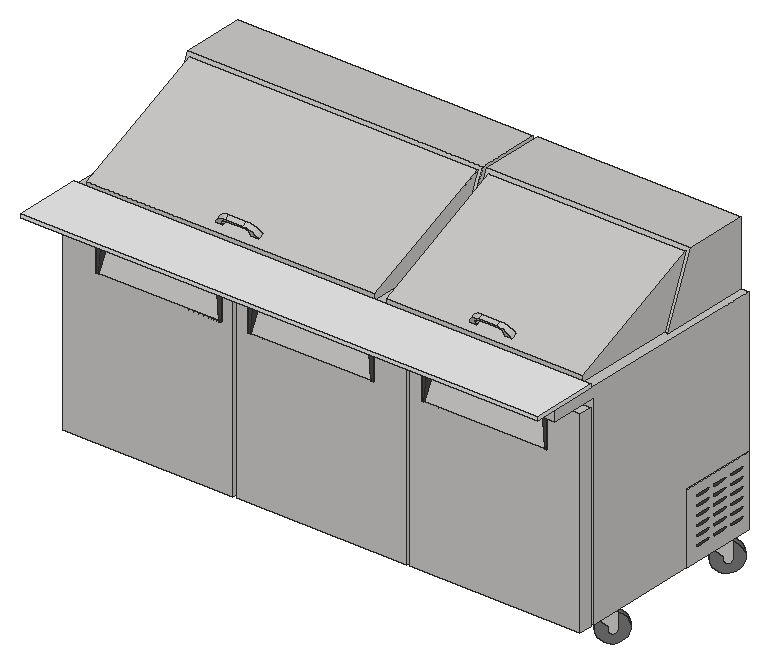
Revit family "QF_Turbo Air_MST-72-3007bf8e3e-0436-4e17-8188-67c419f443d2", category Specialty Equipment, Revit 2012 (continued)
Automatic sketch dimensions
  curve 77 to plane 27 = 0' - 0 15/16"
  curve 50 to curve 50 = 0' - 1"
  curve 187 to curve 187 = 0' - 1"
  curve 109 to curve 106 = 0' - 0.89839"
  curve 287 to curve 287 = 0' - 0.89839"
  curve 263 to curve 263 = 0' - 0.89839"
  curve 236 to curve 236 = 0' - 1"
  curve 157 to curve 154 = 0' - 0.89839"
  curve 284 to curve 280 = 0' - 1"
  curve 185 to curve 170 = 0' - 1"
  curve 202 to curve 198 = 0' - 1"
  curve 137 to curve 122 = 0' - 1"
  curve 50 to curve 38 = 0' - 1"
  curve 106 to curve 102 = 0' - 1"
  curve 158 to curve 150 = 0' - 1"
  curve 260 to curve 256 = 0' - 1"
  curve 77 to curve 62 = 0' - 1"
  curve 233 to curve 222 = 0' - 1"
  curve 218 to curve 216 = 0' - 1"
  curve 101 to curve 101 = 0' - 1"
  curve 102 to curve 102 = 0' - 1"
  curve 191 to curve 216 = 0' - 0"  (x2)
  plane 23 "Left of Right Lid" to curve 192 = 0' - 1 1/16"
  curve 197 to curve 192 = 0' - 1"
  curve 252 to curve 249 = 0' - 1"
  curve 250 to plane 21 "Right of Left Lid" = 0' - 0 15/16"
  curve 255 to curve 250 = 0' - 1"
  curve 273 to curve 96 = 0' - 0"
  plane 17 "Left of Left Lid" to curve 274 = 0' - 0 15/16"
  curve 276 to curve 274 = 0' - 1"
  plane 25 "Left Handle LR" to curve 59 = 0' - 0 1/4"
  curve 62 to curve 59 = 0' - 1"
  curve 62 to curve 60 = 0' - 1"
  curve 60 to curve 35 = 0' - 0"
  plane 24 "Right Handle LR" to curve 174 = 0' - 0 1/4"
  curve 170 to curve 174 = 0' - 1"
  curve 126 to plane 25 "Left Handle LR" = 0' - 0 1/4"
  curve 126 to curve 59 = 0' - 0"
  curve 146 to curve 143 = 0' - 1"
  curve 36 to curve 249 = 0' - 0"
  curve 144 to plane 19 "Right of Righ Lid" = 0' - 1 1/16"
  curve 149 to curve 144 = 0' - 1"
  curve 173 to curve 143 = 0' - 0"
  curve 95 to curve 125 = 0' - 0"
  curve 222 to plane 24 "Right Handle LR" = 0' - 0 1/4"
  curve 222 to curve 167 = 0' - 0"
  curve 250 to curve 254 = 0' - 3.99184"
  curve 219 to plane 24 "Right Handle LR" = 0' - 1 1/4"
  curve 222 to curve 219 = 0' - 3.99184"
  curve 101 to curve 100 = 0' - 3.99184"
  curve 95 to curve 99 = 0' - 3.99184"
  curve 220 to curve 217 = 0' - 1"
  curve 119 to curve 119 = 0' - 3.99184"
  curve 95 to curve 120 = 0' - 0"
  curve 274 to curve 278 = 0' - 3.99184"
  curve 65 to curve 64 = 0' - 3.99184"
  curve 36 to curve 40 = 0' - 3.99184"
  curve 149 to curve 148 = 0' - 3.99184"
  curve 215 to curve 167 = 0' - 0"
  curve 173 to curve 168 = 0' - 3.99184"
  curve 60 to curve 39 = 0' - 0"
  curve 277 to curve 96 = 0' - 0"
  curve 168 to curve 147 = 0' - 0"
  curve 36 to curve 253 = 0' - 0"
  curve 123 to curve 63 = 0' - 0"
  curve 250 to curve 196 = 0' - 0"
  curve 274 to curve 28 = 0' - 0.78475"
  curve 196 to curve 246 = 0' - 0.78475"
  curve 144 to curve 30 = 0' - 0.78475"
  curve 244 to curve 245 = 0' - 0"
  curve 278 to curve 278 = 0' - 1"
  curve 100 to curve 100 = 0' - 1"
  curve 254 to curve 251 = 0' - 1"
  curve 64 to curve 61 = 0' - 1"
  curve 148 to curve 145 = 0' - 1"
  curve 196 to curve 193 = 0' - 1"
  curve 124 to curve 124 = 0' - 1"
  curve 40 to curve 40 = 0' - 1"
  curve 172 to curve 169 = 0' - 1"
  curve 61 to curve 70 = 0' - 1"
  curve 97 to curve 114 = 0' - 1"
  curve 121 to curve 133 = 0' - 1"
  curve 275 to curve 296 = 0' - 1"
  curve 251 to curve 268 = 0' - 1"
  curve 39 to curve 54 = 0' - 1"
  curve 193 to curve 210 = 0' - 1"
  curve 147 to curve 166 = 0' - 1"
  curve 217 to curve 230 = 0' - 1"
  curve 169 to curve 182 = 0' - 1"
  curve 117 to curve 117 = 0' - 1"
  plane 25 "Left Handle LR" to curve 74 = 0' - 0 1/4"
  curve 70 to curve 74 = 0' - 1"
  curve 114 to curve 118 = 0' - 1"
  curve 162 to curve 159 = 0' - 1"
  curve 160 to plane 19 "Right of Righ Lid" = 0' - 1 1/16"
  curve 165 to curve 160 = 0' - 1"
  curve 268 to curve 272 = 0' - 1"
  curve 176 to curve 159 = 0' - 0"
  curve 134 to plane 25 "Left Handle LR" = 0' - 0 1/4"
  curve 134 to curve 67 = 0' - 0"
  curve 229 to curve 224 = 0' - 1"
  curve 214 to curve 224 = 0' - 0"
  curve 178 to curve 182 = 0' - 1"
  plane 23 "Left of Right Lid" to curve 213 = 0' - 1 1/16"
  curve 210 to curve 213 = 0' - 1"
  curve 289 to curve 112 = 0' - 0"
  curve 226 to curve 230 = 0' - 1"
  curve 52 to curve 265 = 0' - 0"  (x2)
  curve 54 to curve 51 = 0' - 1"
  curve 111 to curve 128 = 0' - 0"  (x2)
  plane 17 "Left of Left Lid" to curve 290 = 0' - 0 15/16"
  curve 295 to curve 290 = 0' - 1"
  curve 271 to plane 21 "Right of Left Lid" = 0' - 0 15/16"
  curve 268 to curve 271 = 0' - 1"
  curve 73 to curve 51 = 0' - 0"
  curve 271 to curve 244 = 0' - 1.72225"
  curve 241 to curve 245 = 0' - 0"
  curve 127 to curve 127 = 0' - 3.99184"
  curve 128 to curve 132 = 0' - 3.99184"
  curve 57 to curve 56 = 0' - 3.99184"
  curve 58 to curve 55 = 0' - 3.99184"
  curve 31 to curve 290 = 0' - 2.26959"
  curve 224 to curve 228 = 0' - 3.99184"
  curve 296 to curve 293 = 0' - 3.99184"
  curve 227 to plane 24 "Right Handle LR" = 0' - 0 1/4"
  curve 223 to curve 227 = 0' - 3.99184"
  curve 248 to curve 212 = 0' - 2.26959"
  curve 289 to curve 116 = 0' - 0"
  curve 211 to curve 224 = 0' - 0"
  curve 159 to curve 159 = 0' - 3.99184"
  curve 127 to curve 67 = 0' - 0"
  curve 68 to curve 55 = 0' - 0"
  curve 32 to curve 160 = 0' - 2.26959"
  curve 247 to curve 266 = 0' - 2.26959"
  curve 223 to curve 175 = 0' - 0"
  curve 180 to curve 159 = 0' - 0"
  curve 179 to curve 177 = 0' - 1"
  curve 115 to curve 113 = 0' - 1"
  curve 270 to curve 270 = 0' - 1"
  curve 164 to curve 164 = 0' - 1"
  curve 72 to curve 72 = 0' - 1"
  curve 212 to curve 209 = 0' - 1"
  curve 56 to curve 53 = 0' - 1"
  curve 131 to curve 131 = 0' - 1"
  curve 228 to curve 225 = 0' - 1"
  curve 294 to curve 294 = 0' - 1"
  curve 5 to plane 19 "Right of Righ Lid" = 0' - 4 1/8"
  curve 5 to curve 5 = 0' - 1"
  curve 156 to curve 155 = 0' - 3.9319"
  curve 146 to curve 158 = 0' - 0"
  curve 161 to curve 161 = 0' - 4"
  curve 147 to curve 168 = 0' - 0 1/2"
  curve 159 to curve 176 = 0' - 0 1/2"
  curve 155 to curve 189 = 0' - 0 1/2"
  curve 91 to curve 91 = 0' - 0.1"
  curve 93 to curve 186 = 0' - 0.1625"
  plane 24 "Right Handle LR" to curve 177 = 0' - 1 1/4"
  curve 92 to curve 234 = 0' - 0.25911"
  plane 26 to curve 225 = 0' - 3 5/16"
  curve 221 to curve 202 = 0' - 2 1/2"
  curve 237 to curve 199 = 0' - 1 1/2"
  curve 216 to curve 191 = 0' - 0 1/2"
  curve 224 to curve 207 = 0' - 0 1/2"
  curve 262 to curve 261 = 0' - 3.9319"
  curve 268 to curve 268 = 0' - 4"
  curve 253 to curve 272 = 0' - 0"
  curve 257 to curve 44 = 0' - 0 1/2"
  curve 265 to curve 52 = 0' - 0 1/2"
  curve 249 to curve 41 = 0' - 0 1/2"
  curve 45 to curve 76 = 0' - 1.5681"
  curve 40 to curve 39 = 0' - 4"
  curve 58 to curve 39 = 0' - 0"
  curve 35 to curve 65 = 0' - 0 1/2"
  curve 51 to curve 68 = 0' - 0 1/2"
  curve 19 to curve 18 = 0' - 0.1"
  curve 21 to curve 78 = 0' - 0.1625"
  curve 20 to curve 138 = 0' - 0.25911"
  curve 121 to curve 124 = 0' - 4"
  curve 11 to curve 141 = 0' - 2 1/4"
  curve 133 to curve 121 = 0' - 0"
  curve 120 to curve 95 = 0' - 0 1/2"
  curve 136 to curve 107 = 0' - 0 1/2"
  curve 128 to curve 111 = 0' - 0 1/2"
  curve 118 to curve 117 = 0' - 4"
  curve 107 to curve 108 = 0' - 3.9319"
  curve 101 to curve 106 = 0' - 0.10161"
  curve 104 to curve 288 = 0' - 0 1/2"
  curve 96 to curve 273 = 0' - 0 1/2"
  curve 112 to curve 289 = 0' - 0 1/2"
  plane 17 "Left of Left Lid" to curve 8 = 0' - 5 1/8"
  curve 8 to curve 7 = 0' - 1"
  Extrusion 12 sketch curve to Extrusion 12 sketch curve = 0' - 7.07441"
  Extrusion 12 sketch curve to Extrusion 12 sketch curve = 0' - 0.71723"
  plane 8 "Counter Top" to Extrusion 12 sketch curve = 0' - 1.28026"
  Extrusion 13 sketch curve to plane 24 "Right Handle LR" = 0' - 3"
  Extrusion 13 sketch curve to Extrusion 13 sketch curve = 0' - 1"  (x2)
  Extrusion 13 sketch curve to Extrusion 13 sketch curve = 0' - 0 1/2"  (x3)
  Extrusion 13 sketch curve to Extrusion 13 sketch curve = 0' - 0 3/4"
  plane 24 "Right Handle LR" to Extrusion 13 sketch curve = 0' - 1 1/4"
  Extrusion 13 sketch curve to Extrusion 13 sketch curve = 0' - 0 1/4"
  Extrusion 13 sketch curve to Extrusion 13 sketch curve = 0' - 0"
  Extrusion 13 sketch curve to Extrusion 13 sketch curve = 0' - 0.6"
  Extrusion 14 sketch curve to plane 8 "Counter Top" = 0' - 0"
  Extrusion 14 sketch curve to plane 9 "TOP" = 0' - 0"
  Extrusion 14 sketch curve to plane 1 "BACK" = 0' - 0"
  Extrusion 14 sketch curve to Extrusion 14 sketch curve = 0' - 8 7/8"
  Extrusion 14 sketch curve to Extrusion 14 sketch curve = 0' - 3 15/16"
  Extrusion 15 sketch curve to plane 8 "Counter Top" = 0' - 0"
  Extrusion 15 sketch curve to plane 15 "Front of Box" = 0' - 0"
  plane 1 "BACK" to Extrusion 15 sketch curve = 1' - 0 13/16"
  Extrusion 15 sketch curve to plane 9 "TOP" = 0' - 0.45808"
  plane 1 "BACK" to Extrusion 15 sketch curve = 0' - 9.07541"
  Extrusion 15 sketch curve to Extrusion 15 sketch curve = 0' - 0 3/4"
  Extrusion 16 sketch curve to plane 15 "Front of Box" = 0' - 0"
  Extrusion 16 sketch curve to plane 11 "Lid Clearance" = 0' - 0"
  Extrusion 16 sketch curve to plane 11 "Lid Clearance" = 0' - 0.21928"
  Extrusion 16 sketch curve to plane 15 "Front of Box" = 0' - 10.62793"
  Extrusion 16 sketch curve to Extrusion 16 sketch curve = 0' - 0.71723"
  plane 8 "Counter Top" to Extrusion 16 sketch curve = 0' - 1.28026"
  Extrusion 16 sketch curve to plane 9 "TOP" = 0' - 0.60798"
  radius of Extrusion 9 sketch curve = 0' - 0 1/2"  (x2)
  radius of Extrusion 10 sketch curve = 0' - 0 1/4"
Nested families (in)
  nested 1: "FESCasterLeg" at (-18.28844, -2.5625, 0), Legs <- "Legs", Casters <- "Casters", Height <- "CasterLeg Height", type "FESCasterLeg"
    with Legs no, Height 0' - 5", Casters yes, Caster Radius 0' - 2"
  nested 2: "FESCasterLeg" at (-18.28844, -22.75, 0), Legs <- "Legs", Casters <- "Casters", Height <- "CasterLeg Height", type "FESCasterLeg"
    with Legs no, Height 0' - 5", Casters yes, Caster Radius 0' - 2"
  nested 3: "FESCasterLeg" at (49.33656, -2.5625, 0), Legs <- "Legs", Casters <- "Casters", Height <- "CasterLeg Height", type "FESCasterLeg"
    with Legs no, Height 0' - 5", Casters yes, Caster Radius 0' - 2"
  nested 4: "FESCasterLeg" at (49.33656, -22.75, 0), Legs <- "Legs", Casters <- "Casters", Height <- "CasterLeg Height", type "FESCasterLeg"
    with Legs no, Height 0' - 5", Casters yes, Caster Radius 0' - 2"
  nested 5: "QF_Turbo Air_TBL_Door-1" at (-5.61177, -27.6875, 5), type "QF_Turbo Air_TBL_Door-1"
    with Width 1' - 11 7/8", Symbolic Lines no, Height 2' - 3 1/2", Handle Width 1' - 5 5/8", Depth 0' - 1 13/16"
  nested 6: "QF_Turbo Air_TBL_Door-1" at (36.65989, -27.6875, 5) x (-1, 0, 0) z (0, 0, 1), type "QF_Turbo Air_TBL_Door-1"
    with Width 1' - 11 7/8", Symbolic Lines no, Height 2' - 3 1/2", Handle Width 1' - 5 5/8", Depth 0' - 1 13/16"
  nested 7: "QF_Turbo Air_TBL_Door-1" at (12.28489, -27.6875, 5) x (-1, 0, 0) z (0, 0, 1), type "QF_Turbo Air_TBL_Door-1"
    with Width 1' - 11 7/8", Symbolic Lines no, Height 2' - 3 1/2", Handle Width 1' - 5 5/8", Depth 0' - 1 13/16"
Connectors (in)
  electrical at (47.83656, 0.0625, 11.125), driven by "Number of Poles", driven by "Volts", driven by "Apparent Power"
    settings: on Extrusion 10, index 1, voltage 115 V, apparent load 1138.5 VA, apparent load phase1 0 VA, apparent load phase2 0 VA, apparent load phase3 0 VA, power factor 1, load classification "Other", number of poles 1, system type 30, power factor state 1, is connector primary yes, connector utility no, sub classification motor no, connector description ""
Definition of nested family "FESCasterLeg"
  Parameters (values of type "FESCasterLeg")
    Watermarked By = "http://revitwatermark.com"
    Type Comments = "⍁⍉⌁⌀⏭⎽⌇⍠⌜⍉⎖⌥⌦⌯⍭⏊⍻⍿⍊⏵⍊⏗⏠⍴⎡⌈⎀⍠⌓⌤⏘⎐⍀⌐⏬⏁⎈⏍⏦⎒⏬⌝⍩⍇⌣〈⎫〉⎁⏊⍥⍖⍥⍝⍦⌖⍀⏌⏭⎝⎼⏷⏞⍻⏯⎽⏷⏞⍻⏯⎽⏷⎺⌻⎝⍎⌧⏷⏟⏿⌿⍜⍦⍤⌁⍬⏶⏎⍊⏚⏉⎞⌡⎀⎪⏈⌟⌿⍾⍼⌟⌿⌢⌞⏜⏝⎽⍷⍷⍯⍧⍷⌯⍽⏸⏨⏾⏎⌣⏺⍹⏼⏅⎏⌽⎫⎪⍙⎓⏗⎗⏅⌴⍏⍏⍿⏑⎺⍘⌭⏲⍥⎛⎾⎾⍞⍌⎪⎲⌙⎥⏏⎟⎟⏼⏘⎏⎝⏧⏍⏁⍏⍧⏯⏾⌟"
    Legs [instance] = yes
    Height [instance] = 0' - 6"
    Caster Radius [instance] = if(Height < 0' 3", 0' 1", (Height / 2) - 0' 0 1/2")  # 0' - 2 1/2"
    Casters [instance] = yes
    Assembly Code = ""
  Reference planes (in)
    plane 1 "Center (Front/Back)": y = 0
    plane 2: z = 0
    plane 3 "Center (Left/Right)": x = 0
    plane 4: z = 6
    plane 5: z = 5.5
  Forms (in)
    Extrusion 1, solid, material "QF_Finishes_Stainless Steel", visible <- "Casters"
      sketch origin (-24.12131, -22.88887, 10.18833) x (0.707107, 0.707107, 0) y (0, 0, 1)
        loop
          line (34.98772, -7.68833) -> (34.98772, -4.93833) -> (34.48772, -4.93833) -> (34.39402, -4.68833) -> (32.39402, -4.68833) -> (32.39402, -5.43833) -> (33.98772, -7.34206) -> (33.98772, -7.68833)
          arc (33.98772, -7.68833) -> (34.48772, -8.18833) -> (34.98772, -7.68833) r 0.5
      from 0 to 1.75
    Extrusion 2, solid, material "QF_Finishes_Rubber Black", visible <- "Casters"
      sketch origin (-24.32327, -23.09083, 13.31461) x (0.707107, 0.707107, 0) y (0, 0, 1)
        loop
          circle (34.77334, -10.81461) r 2.5
      from 0.375 to 1.375
    Extrusion 3, solid, material "QF_Finishes_Stainless Steel", visible <- "Casters"
      sketch origin (-7.24148, -8.48391, 0) x (0.707107, 0.707107, 0) y (0, 0, 1)
        loop
          line (10.61603, 5.5) -> (11.61603, 5.5) -> (11.61603, 6) -> (10.61603, 6) -> (10.61603, 5.5)
      from 0 to -1.75
    Blend 4, solid, material "QF_Finishes_Stainless Steel", visible <- "Legs"
      base sketch origin (0, 0, 0) x (1, 0, 0) y (0, 1, 0)
        loop
          circle (0, 0) r 0.5
      top sketch origin (0, 0, 0) x (1, 0, 0) y (0, 1, 0)
        loop
          circle (0, 0) r 1
      from 0 to 6 <- "Height"
  Lines and regions (in)
    symbolic lines, style "QF_Hidden Details", visible <- "Casters", built-in parameter 1006206 <- "Casters"
      curve 1: line (-1.26158, -0.51911, 0) -> (1.39007, 2.13254, 0)
      curve 2: line (-0.53429, -1.24639, 0) -> (2.11736, 1.40526, 0)
    symbolic lines, style "QF_Hidden Details", built-in parameter 1006206 <- "Casters", visible <- "Casters"
      curve 3: line (-1.26158, -0.51911, 0) -> (1.39007, 2.13254, 0)
      curve 4: line (-0.53429, -1.24639, 0) -> (2.11736, 1.40526, 0)
  Dimensions and locks (in)
    locked: plane 4 to plane 5 at 0.5
    "Height": plane 4 to level
    "Caster Radius": Extrusion 2 sketch curve to level
    "Caster Radius": Extrusion 1 sketch curve to level
    "Caster Radius": radius of Extrusion 2 sketch curve
    aligned and locked: plane 2 to level
    aligned: Blend 4 to Extrusion 3
    aligned and locked: plane 4 to Blend 4
    aligned and locked: Extrusion 3 to plane 5
    aligned and locked: plane 4 to Extrusion 3
    aligned and locked: plane 5 to Extrusion 1
  Automatic sketch dimensions
    plane 1 "Center (Front/Back)" to curve 3 = 0' - 0.51911"
    curve 3 to plane 3 "Center (Left/Right)" = 0' - 1.26158"
    plane 1 "Center (Front/Back)" to curve 1 = 0' - 0.51911"
    curve 1 to curve 3 = 0' - 0"  (x3)
    curve 4 to plane 3 "Center (Left/Right)" = 0' - 0.53429"
    curve 2 to curve 4 = 0' - 0"  (x2)
    plane 3 "Center (Left/Right)" to curve 3 = 0' - 1.39007"
    curve 1 to curve 4 = 0' - 0.72729"
    curve 2 to curve 1 = 0' - 0.72729"
    curve 4 to curve 2 = 0' - 0"  (x2)
    curve 2 to plane 1 "Center (Front/Back)" = 0' - 1.40526"
    curve 2 to curve 3 = 0' - 0.72729"
    plane 5 to Extrusion 1 sketch curve = 0' - 0"
    Extrusion 1 sketch curve to Extrusion 1 sketch curve = 0' - 1.5937"
    Extrusion 1 sketch curve to Extrusion 1 sketch curve = 0' - 2"
    Extrusion 1 sketch curve to Extrusion 1 sketch curve = 0' - 0.0937"
    Extrusion 1 sketch curve to Extrusion 1 sketch curve = 0' - 0 1/2"
    Extrusion 1 sketch curve to Extrusion 1 sketch curve = 0' - 0.34627"
    Extrusion 1 sketch curve to plane 5 = 0' - 0 3/4"
    Extrusion 1 sketch curve to plane 5 = 0' - 0 1/4"
    Extrusion 3 sketch curve to plane 5 = 0' - 0"
    plane 4 to Extrusion 3 sketch curve = 0' - 0"
    Extrusion 3 sketch curve to Extrusion 3 sketch curve = 0' - 1"
    plane 1 "Center (Front/Back)" to Blend 4 sketch curve = 0' - 0"  (x2)
    Blend 4 sketch curve to plane 3 "Center (Left/Right)" = 0' - 0"  (x2)
    radius of Blend 4 sketch curve = 0' - 0 1/2"
    radius of Blend 4 sketch curve = 0' - 1"
Definition of nested family "QF_Turbo Air_TBL_Door-1"
  Parameters (values of type "QF_Turbo Air_TBL_Door-1")
    Width [instance] = 2' - 5 5/16"
    Watermarked By = "http://revitwatermark.com"
    Symbolic Lines [instance] = yes
    Manufacturer = "Turbo Air"  # constant formula
    Height [instance] = 2' - 3 7/16"
    Handle Width [instance] = 1' - 5 5/8"
    Depth [instance] = 0' - 1 13/16"
  Reference planes (in)
    plane 1 "BACK": y = 0
    plane 2: z = 0
    plane 3 "LEFT": x = -15.17667
    plane 4: x = 14.13583
    plane 5 "FRONT": y = -1.8125
    plane 6: z = 27.4375
    plane 7 "Right of Handle": x = 12.51083
    plane 8 "Left of Handle": x = -5.11417
  Forms (in)
    Extrusion 1, solid, material "QF_Finishes_Black"
      sketch origin (-31.11417, 0, 15.01083) x (0, 0, -1) y (1, 0, 0)
        loop
          arc (-10.23917, 43.625) -> (-10.63691, 43.46025) -> (-10.80167, 43.0625) r 0.5625
          line (-10.80167, 43.0625) -> (-10.80167, 26.5625)
          arc (-10.80167, 26.5625) -> (-10.63691, 26.16475) -> (-10.23917, 26) r 0.5625
          line (-10.23917, 26) -> (-6.30167, 26) -> (-6.30167, 26.34375) -> (-9.98917, 26.66636) -> (-9.98917, 42.95864) -> (-6.30167, 43.28125) -> (-6.30167, 43.625) -> (-10.23917, 43.625)
      from 0 to 1.8125
    Extrusion 2, solid, material "QF_Finishes_Stainless Steel"
      sketch origin (-5.14542, 0, 15.01083) x (0, 1, 0) y (0, 0, 1)
        loop
          line (-1.8125, 6.30167) -> (0, 6.30167) -> (0, 9.98917) -> (-0.47036, 9.98917) -> (-1.8125, 6.30167)
      from 0.375 to 17.3125
    Extrusion 3, solid, material "QF_Finishes_Stainless Steel"
      sketch origin (0, 0, 0) x (1, 0, 0) y (0, 0, 1)
        loop
          line (-15.17667, 27.4375) -> (-15.17667, 0) -> (14.13583, 0) -> (14.13583, 27.4375) -> (-15.17667, 27.4375)
        loop
          arc (-4.55167, 25.8125) -> (-4.94941, 25.64775) -> (-5.11417, 25.25) r 0.5625
          line (-5.11417, 25.25) -> (-5.11417, 21.3125) -> (12.51083, 21.3125) -> (12.51083, 25.25)
          arc (12.51083, 25.25) -> (12.34608, 25.64775) -> (11.94833, 25.8125) r 0.5625
          line (11.94833, 25.8125) -> (-4.55167, 25.8125)
      from 0 to 1.8125
  Lines and regions (in)
    symbolic lines, visible <- "Symbolic Lines"
      curve 1: line (-15.17667, 0, 25.96875) -> (14.13583, 0, 25.96875)
      curve 2: line (-15.17667, -1.8125, 25.96875) -> (-15.17667, 0, 25.96875)
      curve 3: line (14.13583, -1.8125, 25.96875) -> (-15.17667, -1.8125, 25.96875)
      curve 4: line (14.13583, 0, 25.96875) -> (14.13583, -1.8125, 25.96875)
  Dimensions and locks (in)
    "Width": plane 4 to plane 3 "LEFT"
    "Depth": plane 5 "FRONT" to plane 1 "BACK"
    "Height": plane 6 to plane 2
    locked: Extrusion 3 sketch curve to Extrusion 3 sketch curve at 4.5
    locked: plane 6 to Extrusion 3 sketch curve at 1.625
    locked: plane 6 to Extrusion 1 sketch curve at 1.625
    locked: Extrusion 1 sketch curve to Extrusion 1 sketch curve at 0.8125
    locked: Extrusion 1 sketch curve to Extrusion 1 sketch curve at 4.5  (x2)
    locked: plane 6 to Extrusion 2 sketch curve at 2.4375
    locked: Extrusion 2 sketch curve to Extrusion 2 sketch curve at 3.6875
    locked: Extrusion 2 sketch curve to plane 5 "FRONT" at 1.34214
    locked: plane 7 "Right of Handle" to plane 4 at 1.625
    "Handle Width": plane 8 "Left of Handle" to plane 7 "Right of Handle"
    locked: Extrusion 1 sketch curve to plane 8 "Left of Handle" at 0.34375
    locked: Extrusion 1 sketch curve to plane 8 "Left of Handle" at 0.66636
    locked: Extrusion 1 sketch curve to plane 8 "Left of Handle" at 0.5625
    locked: plane 7 "Right of Handle" to Extrusion 1 sketch curve at 0.34375
    locked: plane 7 "Right of Handle" to Extrusion 1 sketch curve at 0.66636
    locked: plane 7 "Right of Handle" to Extrusion 1 sketch curve at 0.5625
    locked: plane 8 "Left of Handle" to Extrusion 2 at 0.34375
    locked: plane 7 "Right of Handle" to Extrusion 2 at 0.34375
    aligned and locked: level to plane 2
    aligned and locked: Extrusion 3 sketch curve to plane 6
    aligned and locked: plane 3 "LEFT" to Extrusion 3 sketch curve
    aligned and locked: level to Extrusion 3 sketch curve
    aligned and locked: Extrusion 3 sketch curve to plane 4
    aligned and locked: plane 5 "FRONT" to Extrusion 3
    aligned and locked: Extrusion 2 sketch curve to plane 1 "BACK"
    aligned and locked: plane 1 "BACK" to curve 1
    aligned and locked: plane 3 "LEFT" to curve 2
    aligned and locked: curve 3 to plane 5 "FRONT"
    aligned and locked: curve 4 to plane 4
    aligned and locked: Extrusion 3 sketch curve to plane 7 "Right of Handle"
    aligned and locked: Extrusion 3 sketch curve to plane 8 "Left of Handle"
    aligned and locked: Extrusion 1 sketch curve to plane 7 "Right of Handle"
    aligned and locked: plane 8 "Left of Handle" to Extrusion 1 sketch curve
  Automatic sketch dimensions
    Extrusion 3 sketch curve to Extrusion 3 sketch curve = 0' - 0 9/16"  (x2)
    Extrusion 2 sketch curve to plane 5 "FRONT" = 0' - 0"
